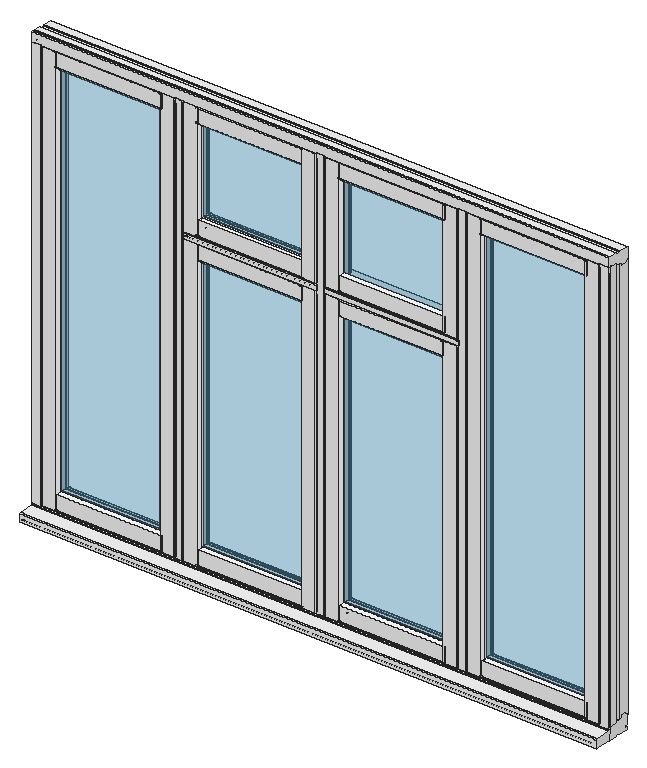
Revit family "C42", category Generic Models, Revit 2012 (continued)
Automatic sketch dimensions
  profile plane to Sweep 14 sketch curve = 7 mm
  Sweep 14 sketch curve to Sweep 14 sketch curve = 2.929 mm
  Sweep 14 sketch curve to Sweep 14 sketch curve = 2.83 mm
  Sweep 14 sketch curve to profile plane = 1 mm
  Sweep 14 sketch curve to Sweep 14 sketch curve = 0 mm  (x3)
  Sweep 14 sketch curve to Sweep 14 sketch curve = 7 mm
  Sweep 14 sketch curve to Sweep 14 sketch curve = 8 mm
  Sweep 14 sketch curve to Sweep 14 sketch curve = 10 mm  (x2)
  Sweep 14 sketch curve to Sweep 14 sketch curve = 3 mm  (x4)
  Sweep 14 sketch curve to profile plane = 10 mm
  Sweep 14 sketch curve to Sweep 14 sketch curve = 4 mm
  Sweep 14 sketch curve to Sweep 14 sketch curve = 16 mm
  profile plane to Sweep 14 sketch curve = 10 mm
  Sweep 14 sketch curve to Sweep 14 sketch curve = 24.08 mm
  Sweep 14 sketch curve to Sweep 14 sketch curve = 0.647 mm
  Sweep 14 sketch curve to Sweep 14 sketch curve = 26 mm
  Sweep 14 sketch curve to Sweep 14 sketch curve = 6.921 mm
  Extrusion 15 sketch curve to plane 24 = 3.013 mm
  plane 9 to Extrusion 15 sketch curve = 20.384 mm
  Extrusion 15 sketch curve to plane 24 = 0.013 mm
  Extrusion 15 sketch curve to Extrusion 15 sketch curve = 2 mm  (x4)
  Extrusion 15 sketch curve to Extrusion 15 sketch curve = 3 mm  (x2)
  Extrusion 15 sketch curve to Extrusion 15 sketch curve = 10 mm  (x2)
  Extrusion 15 sketch curve to Extrusion 15 sketch curve = 11 mm
  plane 1 "Center (Front/Back)" to Extrusion 15 sketch curve = 7.616 mm
  Extrusion 15 sketch curve to plane 15 = 6.601 mm
  Extrusion 15 sketch curve to plane 24 = 8.013 mm
  Extrusion 15 sketch curve to Extrusion 15 sketch curve = 42 mm
  Extrusion 15 sketch curve to Extrusion 15 sketch curve = 6 mm
  Extrusion 16 sketch curve to plane 22 = 0 mm
  plane 22 to Extrusion 16 sketch curve = 3 mm
  plane 9 to Extrusion 16 sketch curve = 20.384 mm
  Extrusion 16 sketch curve to Extrusion 16 sketch curve = 2 mm  (x4)
  Extrusion 16 sketch curve to Extrusion 16 sketch curve = 3 mm  (x2)
  Extrusion 16 sketch curve to Extrusion 16 sketch curve = 10 mm  (x2)
  Extrusion 16 sketch curve to Extrusion 16 sketch curve = 11 mm
  plane 1 "Center (Front/Back)" to Extrusion 16 sketch curve = 7.616 mm
  Extrusion 16 sketch curve to plane 15 = 6.601 mm
  plane 22 to Extrusion 16 sketch curve = 8 mm
  Extrusion 16 sketch curve to Extrusion 16 sketch curve = 41 mm
  Extrusion 16 sketch curve to Extrusion 16 sketch curve = 6 mm
  Extrusion 17 sketch curve to plane 26 = 0 mm
  plane 26 to Extrusion 17 sketch curve = 3 mm
  plane 9 to Extrusion 17 sketch curve = 20.5 mm
  Extrusion 17 sketch curve to Extrusion 17 sketch curve = 2 mm  (x4)
  Extrusion 17 sketch curve to Extrusion 17 sketch curve = 3 mm  (x2)
  Extrusion 17 sketch curve to Extrusion 17 sketch curve = 10 mm  (x2)
  Extrusion 17 sketch curve to Extrusion 17 sketch curve = 11 mm
  plane 1 "Center (Front/Back)" to Extrusion 17 sketch curve = 7.5 mm
  Extrusion 17 sketch curve to plane 15 = 6.485 mm
  plane 26 to Extrusion 17 sketch curve = 11.993 mm
  Extrusion 17 sketch curve to Extrusion 17 sketch curve = 41 mm
  Extrusion 17 sketch curve to Extrusion 17 sketch curve = 6 mm
  Extrusion 18 sketch curve to plane 23 = 0 mm  (x4)
  Extrusion 18 sketch curve to plane 21 = 0 mm  (x4)
  plane 9 to Extrusion 18 sketch curve = 19.384 mm
  Extrusion 18 sketch curve to Extrusion 18 sketch curve = 4 mm  (x2)
  Extrusion 18 sketch curve to plane 21 = 2 mm
  Extrusion 18 sketch curve to Extrusion 18 sketch curve = 2 mm  (x2)
  Extrusion 18 sketch curve to Extrusion 18 sketch curve = 7 mm  (x2)
  Extrusion 18 sketch curve to plane 23 = 2 mm
  plane 22 to Extrusion 18 sketch curve = 2 mm
  plane 1 "Center (Front/Back)" to Extrusion 18 sketch curve = 7.616 mm  (x2)
  plane 20 to Extrusion 18 sketch curve = 2 mm
  Extrusion 18 sketch curve to plane 1 "Center (Front/Back)" = 0.384 mm  (x2)
  Extrusion 18 sketch curve to Extrusion 18 sketch curve = 3 mm  (x3)
  Extrusion 18 sketch curve to plane 1 "Center (Front/Back)" = 3.384 mm
  Extrusion 18 sketch curve to plane 15 = 3.601 mm  (x2)
  plane 15 to Extrusion 18 sketch curve = 0.399 mm  (x2)
  plane 20 to Extrusion 18 sketch curve = 3 mm
  plane 15 to Extrusion 18 sketch curve = 16.399 mm
  Extrusion 18 sketch curve to Extrusion 18 sketch curve = 16 mm
  plane 22 to Extrusion 18 sketch curve = 3 mm
  Extrusion 18 sketch curve to Extrusion 18 sketch curve = 10 mm  (x2)
  plane 20 to Extrusion 18 sketch curve = 16 mm
  plane 20 to Extrusion 18 sketch curve = 4 mm
  Extrusion 18 sketch curve to Extrusion 18 sketch curve = 1 mm  (x2)
  plane 22 to Extrusion 18 sketch curve = 4 mm
  Extrusion 19 sketch curve to plane 17 = 3.359 mm
  plane 9 to Extrusion 19 sketch curve = 20.5 mm
  Extrusion 19 sketch curve to plane 17 = 0.359 mm
  Extrusion 19 sketch curve to Extrusion 19 sketch curve = 2 mm  (x4)
  Extrusion 19 sketch curve to Extrusion 19 sketch curve = 3 mm  (x2)
  Extrusion 19 sketch curve to Extrusion 19 sketch curve = 10 mm  (x2)
  Extrusion 19 sketch curve to Extrusion 19 sketch curve = 11 mm
  plane 1 "Center (Front/Back)" to Extrusion 19 sketch curve = 7.5 mm
  Extrusion 19 sketch curve to plane 15 = 6.485 mm
  Extrusion 19 sketch curve to plane 17 = 8.359 mm
  Extrusion 19 sketch curve to Extrusion 19 sketch curve = 41 mm
  Extrusion 19 sketch curve to Extrusion 19 sketch curve = 6 mm
  Extrusion 20 sketch curve to plane 14 = 9 mm
  plane 9 to Extrusion 20 sketch curve = 20.884 mm
  Extrusion 20 sketch curve to Extrusion 20 sketch curve = 3 mm  (x2)
  Extrusion 20 sketch curve to Extrusion 20 sketch curve = 2 mm  (x4)
  plane 11 to Extrusion 20 sketch curve = 2.951 mm
  Extrusion 20 sketch curve to Extrusion 20 sketch curve = 10 mm
  plane 14 to Extrusion 20 sketch curve = 1.951 mm
  Extrusion 20 sketch curve to Extrusion 20 sketch curve = 11 mm
  plane 1 "Center (Front/Back)" to Extrusion 20 sketch curve = 7.116 mm
  plane 14 to Extrusion 20 sketch curve = 2.951 mm
  Extrusion 20 sketch curve to plane 15 = 6.101 mm
  Extrusion 20 sketch curve to plane 11 = 7.049 mm
  Extrusion 20 sketch curve to plane 11 = 13.049 mm
  Extrusion 21 sketch curve to plane 14 = 0 mm  (x2)
  plane 9 to Extrusion 21 sketch curve = 20.5 mm
  Extrusion 21 sketch curve to Extrusion 21 sketch curve = 3 mm  (x2)
  Extrusion 21 sketch curve to Extrusion 21 sketch curve = 2 mm  (x2)
  plane 11 to Extrusion 21 sketch curve = 3 mm
  Extrusion 21 sketch curve to Extrusion 21 sketch curve = 10 mm
  plane 14 to Extrusion 21 sketch curve = 2 mm
  Extrusion 21 sketch curve to Extrusion 21 sketch curve = 11 mm
  plane 1 "Center (Front/Back)" to Extrusion 21 sketch curve = 7.5 mm
  plane 14 to Extrusion 21 sketch curve = 3 mm
  Extrusion 21 sketch curve to plane 15 = 6.485 mm
  Extrusion 21 sketch curve to plane 14 = 9 mm
  Extrusion 21 sketch curve to plane 11 = 13 mm
  Extrusion 21 sketch curve to plane 11 = 7 mm
  Extrusion 22 sketch curve to plane 27 = 0 mm
  Extrusion 22 sketch curve to plane 29 = 0 mm
  plane 28 to Extrusion 22 sketch curve = 2 mm  (x3)
  plane 9 to Extrusion 22 sketch curve = 19.384 mm
  Extrusion 22 sketch curve to Extrusion 22 sketch curve = 2 mm  (x2)
  Extrusion 22 sketch curve to Extrusion 22 sketch curve = 4 mm
  plane 28 to Extrusion 22 sketch curve = 4 mm
  Extrusion 22 sketch curve to Extrusion 22 sketch curve = 7 mm
  plane 1 "Center (Front/Back)" to Extrusion 22 sketch curve = 7.616 mm
  plane 1 "Center (Front/Back)" to Extrusion 22 sketch curve = 5.616 mm
  Extrusion 22 sketch curve to plane 1 "Center (Front/Back)" = 0.384 mm
  Extrusion 22 sketch curve to Extrusion 22 sketch curve = 3 mm  (x4)
  Extrusion 22 sketch curve to plane 15 = 3.601 mm
  plane 15 to Extrusion 22 sketch curve = 0.399 mm  (x3)
  Extrusion 22 sketch curve to Extrusion 22 sketch curve = 6 mm
  Extrusion 22 sketch curve to Extrusion 22 sketch curve = 10 mm  (x3)
  Extrusion 22 sketch curve to Extrusion 22 sketch curve = 16 mm
  Extrusion 22 sketch curve to plane 29 = 0.783 mm
  plane 26 to Extrusion 22 sketch curve = 3.217 mm
  Extrusion 22 sketch curve to Extrusion 22 sketch curve = 5 mm
  plane 26 to Extrusion 22 sketch curve = 10.217 mm
  plane 26 to Extrusion 22 sketch curve = 11.217 mm
  Extrusion 22 sketch curve to Extrusion 22 sketch curve = 1 mm  (x3)
  Extrusion 22 sketch curve to Extrusion 22 sketch curve = 8 mm
  plane 28 to Extrusion 22 sketch curve = 2.217 mm
  Extrusion 22 sketch curve to plane 29 = 2 mm
  Extrusion 23 sketch curve to plane 28 = 0 mm
  plane 29 to Extrusion 23 sketch curve = 1 mm  (x2)
  plane 9 to Extrusion 23 sketch curve = 20.5 mm
  Extrusion 23 sketch curve to Extrusion 23 sketch curve = 2 mm  (x4)
  Extrusion 23 sketch curve to Extrusion 23 sketch curve = 10 mm  (x2)
  Extrusion 23 sketch curve to Extrusion 23 sketch curve = 11 mm
  plane 1 "Center (Front/Back)" to Extrusion 23 sketch curve = 7.5 mm
  Extrusion 23 sketch curve to plane 15 = 6.485 mm
  Extrusion 23 sketch curve to Extrusion 23 sketch curve = 3 mm
  Extrusion 23 sketch curve to plane 29 = 4 mm
  Extrusion 23 sketch curve to Extrusion 23 sketch curve = 42 mm
  Extrusion 23 sketch curve to Extrusion 23 sketch curve = 6 mm
  Sweep 24 sketch curve to plane 11 = 12.9 mm
  Sweep 24 sketch curve to plane 24 = 52.12 mm
  plane 22 to Sweep 24 sketch curve = 52.1 mm
  Sweep 24 sketch curve to plane 29 = 49.883 mm
  Sweep 24 sketch curve to profile plane = 0 mm
  Sweep 24 sketch curve to profile plane = 8 mm
  profile plane to Sweep 24 sketch curve = 15.893 mm
  Sweep 24 sketch curve to Sweep 24 sketch curve = 3 mm  (x3)
  Sweep 24 sketch curve to Sweep 24 sketch curve = 4 mm  (x2)
  profile plane to Sweep 24 sketch curve = 4.893 mm
  Sweep 24 sketch curve to profile plane = 0.107 mm
  Extrusion 25 sketch curve to plane 24 = 3.013 mm
  plane 9 to Extrusion 25 sketch curve = 20.384 mm
  Extrusion 25 sketch curve to plane 24 = 0.013 mm
  Extrusion 25 sketch curve to Extrusion 25 sketch curve = 2 mm  (x4)
  Extrusion 25 sketch curve to Extrusion 25 sketch curve = 3 mm  (x2)
  Extrusion 25 sketch curve to Extrusion 25 sketch curve = 10 mm  (x2)
  Extrusion 25 sketch curve to Extrusion 25 sketch curve = 11 mm
  plane 1 "Center (Front/Back)" to Extrusion 25 sketch curve = 7.616 mm
  Extrusion 25 sketch curve to plane 15 = 6.601 mm
  Extrusion 25 sketch curve to plane 24 = 8.013 mm
  Extrusion 25 sketch curve to Extrusion 25 sketch curve = 42 mm
  Extrusion 25 sketch curve to Extrusion 25 sketch curve = 6 mm
  Extrusion 26 sketch curve to plane 22 = 0 mm
  plane 22 to Extrusion 26 sketch curve = 3 mm  (x2)
  plane 9 to Extrusion 26 sketch curve = 20.384 mm
  Extrusion 26 sketch curve to Extrusion 26 sketch curve = 2 mm  (x4)
  Extrusion 26 sketch curve to Extrusion 26 sketch curve = 10 mm  (x2)
  Extrusion 26 sketch curve to Extrusion 26 sketch curve = 11 mm
  plane 1 "Center (Front/Back)" to Extrusion 26 sketch curve = 7.616 mm
  Extrusion 26 sketch curve to plane 15 = 6.601 mm
  Extrusion 26 sketch curve to Extrusion 26 sketch curve = 3 mm
  plane 22 to Extrusion 26 sketch curve = 8 mm
  Extrusion 26 sketch curve to Extrusion 26 sketch curve = 41 mm
  Extrusion 26 sketch curve to Extrusion 26 sketch curve = 6 mm
  plane 1 "Center (Front/Back)" to Extrusion 27 sketch curve = 8.984 mm
  Extrusion 27 sketch curve to plane 24 = 56.013 mm
  Extrusion 27 sketch curve to Extrusion 27 sketch curve = 0 mm  (x2)
  plane 22 to Extrusion 27 sketch curve = 51.993 mm
  Extrusion 27 sketch curve to Extrusion 27 sketch curve = 4 mm  (x2)
  Extrusion 27 sketch curve to Extrusion 27 sketch curve = 16 mm
  Sweep 28 sketch curve to plane 11 = 9 mm
  Sweep 28 sketch curve to plane 24 = 56.013 mm
  plane 22 to Sweep 28 sketch curve = 55.993 mm
  Sweep 28 sketch curve to plane 29 = 53.776 mm
  profile plane to Sweep 28 sketch curve = 0 mm
  Sweep 28 sketch curve to Sweep 28 sketch curve = 10 mm
  Sweep 28 sketch curve to profile plane = 8 mm
  profile plane to Sweep 28 sketch curve = 8 mm
  Sweep 29 sketch curve to plane 11 = 12.9 mm
  plane 20 to Sweep 29 sketch curve = 52.2 mm
  Sweep 29 sketch curve to plane 13 = 44.187 mm
  Sweep 29 sketch curve to plane 17 = 52.559 mm
  Sweep 29 sketch curve to profile plane = 0 mm
  Sweep 29 sketch curve to profile plane = 8 mm
  profile plane to Sweep 29 sketch curve = 15.893 mm
  Sweep 29 sketch curve to Sweep 29 sketch curve = 3 mm  (x3)
  Sweep 29 sketch curve to Sweep 29 sketch curve = 4 mm  (x2)
  profile plane to Sweep 29 sketch curve = 4.893 mm
  Sweep 29 sketch curve to profile plane = 0.107 mm
  plane 20 to Extrusion 30 sketch curve = 56.227 mm
  Extrusion 30 sketch curve to Extrusion 30 sketch curve = 0.866 mm
  Extrusion 30 sketch curve to plane 13 = 48.08 mm
  plane 1 "Center (Front/Back)" to Extrusion 30 sketch curve = 8.984 mm
  Extrusion 30 sketch curve to Extrusion 30 sketch curve = 0 mm
  Extrusion 30 sketch curve to Extrusion 30 sketch curve = 4 mm  (x2)
  Extrusion 30 sketch curve to Extrusion 30 sketch curve = 16 mm
  Sweep 31 sketch curve to plane 11 = 9 mm
  plane 20 to Sweep 31 sketch curve = 56.227 mm
  Sweep 31 sketch curve to plane 13 = 48.08 mm
  Sweep 31 sketch curve to plane 17 = 56 mm
  profile plane to Sweep 31 sketch curve = 0 mm
  profile plane to Sweep 31 sketch curve = 10 mm
  Sweep 31 sketch curve to profile plane = 8 mm
  profile plane to Sweep 31 sketch curve = 8 mm
  Extrusion 32 sketch curve to plane 17 = 2.943 mm  (x2)
  plane 9 to Extrusion 32 sketch curve = 20.5 mm
  plane 17 to Extrusion 32 sketch curve = 0.057 mm
  Extrusion 32 sketch curve to Extrusion 32 sketch curve = 2 mm  (x4)
  Extrusion 32 sketch curve to Extrusion 32 sketch curve = 10 mm  (x2)
  Extrusion 32 sketch curve to Extrusion 32 sketch curve = 11 mm
  plane 1 "Center (Front/Back)" to Extrusion 32 sketch curve = 7.5 mm
  Extrusion 32 sketch curve to plane 15 = 6.485 mm
  Extrusion 32 sketch curve to Extrusion 32 sketch curve = 3 mm
  Extrusion 32 sketch curve to plane 17 = 7.943 mm
  Extrusion 32 sketch curve to Extrusion 32 sketch curve = 42 mm
  Extrusion 32 sketch curve to Extrusion 32 sketch curve = 6 mm
  Sweep 33 sketch curve to plane 11 = 12.9 mm
  Sweep 33 sketch curve to plane 19 = 52.12 mm
  plane 25 to Sweep 33 sketch curve = 84.1 mm
  Sweep 33 sketch curve to plane 17 = 52.1 mm
  Sweep 33 sketch curve to profile plane = 0 mm
  Sweep 33 sketch curve to profile plane = 8 mm
  profile plane to Sweep 33 sketch curve = 15.893 mm
  Sweep 33 sketch curve to Sweep 33 sketch curve = 3 mm  (x3)
  Sweep 33 sketch curve to Sweep 33 sketch curve = 4 mm  (x2)
  profile plane to Sweep 33 sketch curve = 4.893 mm
  Sweep 33 sketch curve to profile plane = 0.107 mm
  plane 1 "Center (Front/Back)" to Extrusion 34 sketch curve = 8.984 mm
  Extrusion 34 sketch curve to plane 19 = 56.013 mm
  Extrusion 34 sketch curve to Extrusion 34 sketch curve = 0 mm  (x2)
  plane 1 "Center (Front/Back)" to Extrusion 34 sketch curve = 28.984 mm
  plane 25 to Extrusion 34 sketch curve = 88.993 mm
  Extrusion 34 sketch curve to Extrusion 34 sketch curve = 4 mm  (x2)
  Sweep 35 sketch curve to plane 11 = 9.007 mm
  Sweep 35 sketch curve to plane 19 = 56.013 mm
  plane 25 to Sweep 35 sketch curve = 88 mm
  Sweep 35 sketch curve to plane 17 = 55.943 mm
  profile plane to Sweep 35 sketch curve = 0 mm
  profile plane to Sweep 35 sketch curve = 10 mm
  Sweep 35 sketch curve to profile plane = 8 mm
  profile plane to Sweep 35 sketch curve = 8 mm
  Extrusion 36 sketch curve to plane 25 = 0 mm  (x4)
  plane 9 to Extrusion 36 sketch curve = 19.384 mm
  Extrusion 36 sketch curve to Extrusion 36 sketch curve = 4 mm  (x2)
  plane 25 to Extrusion 36 sketch curve = 2 mm
  Extrusion 36 sketch curve to Extrusion 36 sketch curve = 2 mm  (x3)
  Extrusion 36 sketch curve to Extrusion 36 sketch curve = 7 mm  (x3)
  plane 1 "Center (Front/Back)" to Extrusion 36 sketch curve = 7.616 mm  (x2)
  Extrusion 36 sketch curve to plane 24 = 2 mm
  Extrusion 36 sketch curve to plane 1 "Center (Front/Back)" = 0.384 mm  (x2)
  Extrusion 36 sketch curve to Extrusion 36 sketch curve = 3 mm  (x3)
  Extrusion 36 sketch curve to plane 1 "Center (Front/Back)" = 3.384 mm
  Extrusion 36 sketch curve to plane 15 = 3.601 mm  (x2)
  plane 15 to Extrusion 36 sketch curve = 0.399 mm  (x2)
  Extrusion 36 sketch curve to plane 24 = 3 mm
  plane 15 to Extrusion 36 sketch curve = 16.399 mm
  Extrusion 36 sketch curve to Extrusion 36 sketch curve = 16 mm
  Extrusion 36 sketch curve to Extrusion 36 sketch curve = 10 mm  (x2)
  Extrusion 36 sketch curve to plane 24 = 16 mm
  Extrusion 36 sketch curve to plane 24 = 4 mm
  Extrusion 36 sketch curve to Extrusion 36 sketch curve = 1 mm  (x3)
  Extrusion 36 sketch curve to Extrusion 36 sketch curve = 22 mm
  Extrusion 36 sketch curve to Extrusion 36 sketch curve = 0 mm  (x2)
  Extrusion 36 sketch curve to Extrusion 36 sketch curve = 6 mm
  Extrusion 36 sketch curve to Extrusion 36 sketch curve = 8 mm
  Extrusion 37 sketch curve to plane 14 = 0 mm  (x2)
  plane 9 to Extrusion 37 sketch curve = 20.5 mm
  Extrusion 37 sketch curve to Extrusion 37 sketch curve = 3 mm  (x2)
  Extrusion 37 sketch curve to Extrusion 37 sketch curve = 2 mm  (x2)
  plane 11 to Extrusion 37 sketch curve = 3 mm
  Extrusion 37 sketch curve to Extrusion 37 sketch curve = 10 mm
  plane 14 to Extrusion 37 sketch curve = 2 mm
  Extrusion 37 sketch curve to Extrusion 37 sketch curve = 11 mm
  plane 1 "Center (Front/Back)" to Extrusion 37 sketch curve = 7.5 mm
  plane 14 to Extrusion 37 sketch curve = 3 mm
  Extrusion 37 sketch curve to plane 15 = 6.485 mm
  Extrusion 37 sketch curve to plane 14 = 9 mm
  Extrusion 37 sketch curve to plane 11 = 13 mm
  Extrusion 37 sketch curve to plane 11 = 7 mm
  plane 5 to Sweep 38 sketch curve = 0 mm
  Sweep 38 sketch curve to plane 16 = 0 mm
  Sweep 38 sketch curve to level = 0 mm
  Sweep 38 sketch curve to profile plane = 0 mm  (x3)
  Sweep 38 sketch curve to profile plane = 47 mm
  Sweep 38 sketch curve to Sweep 38 sketch curve = 3 mm  (x2)
  Sweep 38 sketch curve to Sweep 38 sketch curve = 10 mm
  Sweep 38 sketch curve to Sweep 38 sketch curve = 16 mm
  Sweep 38 sketch curve to Sweep 38 sketch curve = 4 mm
  Sweep 38 sketch curve to profile plane = 5 mm
  Sweep 38 sketch curve to profile plane = 10 mm
  Sweep 38 sketch curve to profile plane = 4 mm
  Sweep 38 sketch curve to profile plane = 1 mm
  profile plane to Sweep 38 sketch curve = 7 mm
  profile plane to Sweep 38 sketch curve = 10 mm
  Sweep 38 sketch curve to Sweep 38 sketch curve = 24.08 mm
  Sweep 38 sketch curve to Sweep 38 sketch curve = 0.647 mm
  Sweep 38 sketch curve to Sweep 38 sketch curve = 2.999 mm
  Sweep 38 sketch curve to Sweep 38 sketch curve = 26 mm
  Sweep 38 sketch curve to Sweep 38 sketch curve = 6.921 mm
  Sweep 38 sketch curve to Sweep 38 sketch curve = 2 mm
  Sweep 38 sketch curve to Sweep 38 sketch curve = 0.995 mm
  Sweep 38 sketch curve to Sweep 38 sketch curve = 5 mm
  Sweep 38 sketch curve to profile plane = 2 mm
  Sweep 38 sketch curve to Sweep 38 sketch curve = 31 mm
  Sweep 38 sketch curve to Sweep 38 sketch curve = 0.071 mm
  Sweep 38 sketch curve to Sweep 38 sketch curve = 0.17 mm
  Sweep 38 sketch curve to Sweep 38 sketch curve = 0 mm  (x3)
  Sweep 38 sketch curve to Sweep 38 sketch curve = 7 mm
  Sweep 38 sketch curve to Sweep 38 sketch curve = 8 mm
  Sweep 38 sketch curve to Sweep 38 sketch curve = 12 mm
  Sweep 39 sketch curve to plane 7 = 0 mm
  Sweep 39 sketch curve to plane 16 = 0 mm
  Sweep 39 sketch curve to level = 0 mm
  Sweep 39 sketch curve to profile plane = 0 mm  (x3)
  Sweep 39 sketch curve to profile plane = 47 mm
  Sweep 39 sketch curve to Sweep 39 sketch curve = 3 mm  (x3)
  Sweep 39 sketch curve to Sweep 39 sketch curve = 10 mm
  Sweep 39 sketch curve to Sweep 39 sketch curve = 16 mm
  Sweep 39 sketch curve to Sweep 39 sketch curve = 4 mm
  profile plane to Sweep 39 sketch curve = 5 mm
  Sweep 39 sketch curve to profile plane = 10 mm
  Sweep 39 sketch curve to profile plane = 4 mm
  Sweep 39 sketch curve to profile plane = 1 mm
  profile plane to Sweep 39 sketch curve = 7 mm
  profile plane to Sweep 39 sketch curve = 10 mm
  Sweep 39 sketch curve to Sweep 39 sketch curve = 24.08 mm
  Sweep 39 sketch curve to Sweep 39 sketch curve = 0.647 mm
  Sweep 39 sketch curve to Sweep 39 sketch curve = 2.999 mm
  Sweep 39 sketch curve to Sweep 39 sketch curve = 26 mm
  Sweep 39 sketch curve to Sweep 39 sketch curve = 6.921 mm
  Sweep 39 sketch curve to Sweep 39 sketch curve = 2 mm
  Sweep 39 sketch curve to Sweep 39 sketch curve = 0.995 mm
  Sweep 39 sketch curve to Sweep 39 sketch curve = 5 mm
  profile plane to Sweep 39 sketch curve = 33 mm
  Sweep 39 sketch curve to Sweep 39 sketch curve = 0.071 mm
  Sweep 39 sketch curve to Sweep 39 sketch curve = 0.17 mm
  Sweep 39 sketch curve to Sweep 39 sketch curve = 0 mm  (x3)
  Sweep 39 sketch curve to Sweep 39 sketch curve = 7 mm
  Sweep 39 sketch curve to Sweep 39 sketch curve = 8 mm
  profile plane to Sweep 39 sketch curve = 2 mm
  Sweep 40 sketch curve to plane 5 = 0 mm
  Sweep 40 sketch curve to plane 7 = 0 mm
  plane 1 "Center (Front/Back)" to Sweep 40 sketch curve = 1.015 mm
  Sweep 40 sketch curve to level = 5 mm
  profile plane to Sweep 40 sketch curve = 132 mm
  Sweep 40 sketch curve to Sweep 40 sketch curve = 2.63 mm
  Sweep 40 sketch curve to Sweep 40 sketch curve = 3 mm  (x5)
  level to Sweep 40 sketch curve = 30.977 mm
  Sweep 40 sketch curve to Sweep 40 sketch curve = 25 mm
  level to Sweep 40 sketch curve = 33.978 mm
  Sweep 40 sketch curve to Sweep 40 sketch curve = 25.006 mm
  Sweep 40 sketch curve to Sweep 40 sketch curve = 32.364 mm
  Sweep 40 sketch curve to Sweep 40 sketch curve = 2 mm  (x2)
  profile plane to Sweep 40 sketch curve = 5 mm
  Sweep 40 sketch curve to profile plane = 18 mm
  Sweep 40 sketch curve to Sweep 40 sketch curve = 0 mm
  Sweep 40 sketch curve to Sweep 40 sketch curve = 6 mm
  Sweep 40 sketch curve to Sweep 40 sketch curve = 10 mm  (x2)
  Sweep 40 sketch curve to Sweep 40 sketch curve = 11 mm
  level to Sweep 40 sketch curve = 25 mm
  Sweep 40 sketch curve to Sweep 40 sketch curve = 4.022 mm
  Sweep 40 sketch curve to Sweep 40 sketch curve = 5 mm  (x2)
  Sweep 40 sketch curve to Sweep 40 sketch curve = 1 mm  (x2)
  Extrusion 41 sketch curve to plane 27 = 0 mm
  Extrusion 41 sketch curve to plane 29 = 0 mm
  plane 28 to Extrusion 41 sketch curve = 2 mm  (x3)
  plane 9 to Extrusion 41 sketch curve = 19.384 mm
  Extrusion 41 sketch curve to Extrusion 41 sketch curve = 2 mm  (x2)
  Extrusion 41 sketch curve to Extrusion 41 sketch curve = 4 mm
  plane 28 to Extrusion 41 sketch curve = 4 mm
  Extrusion 41 sketch curve to Extrusion 41 sketch curve = 7 mm
  plane 1 "Center (Front/Back)" to Extrusion 41 sketch curve = 7.616 mm
  plane 1 "Center (Front/Back)" to Extrusion 41 sketch curve = 5.616 mm
  Extrusion 41 sketch curve to plane 1 "Center (Front/Back)" = 0.384 mm
  Extrusion 41 sketch curve to Extrusion 41 sketch curve = 3 mm  (x4)
  Extrusion 41 sketch curve to plane 15 = 3.601 mm
  plane 15 to Extrusion 41 sketch curve = 0.399 mm  (x3)
  Extrusion 41 sketch curve to Extrusion 41 sketch curve = 6 mm
  Extrusion 41 sketch curve to Extrusion 41 sketch curve = 10 mm  (x3)
  Extrusion 41 sketch curve to Extrusion 41 sketch curve = 16 mm
  Extrusion 41 sketch curve to plane 29 = 0.783 mm
  plane 26 to Extrusion 41 sketch curve = 3.217 mm
  Extrusion 41 sketch curve to Extrusion 41 sketch curve = 5 mm
  plane 26 to Extrusion 41 sketch curve = 10.217 mm
  plane 26 to Extrusion 41 sketch curve = 11.217 mm
  Extrusion 41 sketch curve to Extrusion 41 sketch curve = 1 mm  (x3)
  Extrusion 41 sketch curve to Extrusion 41 sketch curve = 8 mm
  plane 28 to Extrusion 41 sketch curve = 2.217 mm
  Extrusion 41 sketch curve to plane 29 = 2 mm
  Extrusion 42 sketch curve to plane 28 = 0 mm
  plane 29 to Extrusion 42 sketch curve = 1 mm  (x2)
  plane 9 to Extrusion 42 sketch curve = 20.5 mm
  Extrusion 42 sketch curve to Extrusion 42 sketch curve = 2 mm  (x4)
  Extrusion 42 sketch curve to Extrusion 42 sketch curve = 10 mm  (x2)
  Extrusion 42 sketch curve to Extrusion 42 sketch curve = 11 mm
  plane 1 "Center (Front/Back)" to Extrusion 42 sketch curve = 7.5 mm
  Extrusion 42 sketch curve to plane 15 = 6.485 mm
  Extrusion 42 sketch curve to Extrusion 42 sketch curve = 3 mm
  Extrusion 42 sketch curve to plane 29 = 4 mm
  Extrusion 42 sketch curve to Extrusion 42 sketch curve = 42 mm
  Extrusion 42 sketch curve to Extrusion 42 sketch curve = 6 mm
  Extrusion 43 sketch curve to plane 26 = 0 mm
  plane 26 to Extrusion 43 sketch curve = 3 mm
  plane 9 to Extrusion 43 sketch curve = 20.5 mm
  Extrusion 43 sketch curve to Extrusion 43 sketch curve = 2 mm  (x4)
  Extrusion 43 sketch curve to Extrusion 43 sketch curve = 3 mm  (x2)
  Extrusion 43 sketch curve to Extrusion 43 sketch curve = 10 mm  (x2)
  Extrusion 43 sketch curve to Extrusion 43 sketch curve = 11 mm
  plane 1 "Center (Front/Back)" to Extrusion 43 sketch curve = 7.5 mm
  Extrusion 43 sketch curve to plane 15 = 6.485 mm
  plane 26 to Extrusion 43 sketch curve = 11.993 mm
  Extrusion 43 sketch curve to Extrusion 43 sketch curve = 41 mm
  Extrusion 43 sketch curve to Extrusion 43 sketch curve = 6 mm
  Extrusion 44 sketch curve to plane 30 = 0 mm
  plane 30 to Extrusion 44 sketch curve = 3 mm  (x2)
  plane 9 to Extrusion 44 sketch curve = 20.384 mm
  Extrusion 44 sketch curve to Extrusion 44 sketch curve = 2 mm  (x4)
  Extrusion 44 sketch curve to Extrusion 44 sketch curve = 10 mm  (x2)
  Extrusion 44 sketch curve to plane 13 = 2.013 mm
  Extrusion 44 sketch curve to Extrusion 44 sketch curve = 11 mm
  plane 1 "Center (Front/Back)" to Extrusion 44 sketch curve = 7.616 mm
  Extrusion 44 sketch curve to plane 13 = 3.013 mm
  Extrusion 44 sketch curve to plane 15 = 6.601 mm
  Extrusion 44 sketch curve to Extrusion 44 sketch curve = 41 mm
  Extrusion 44 sketch curve to Extrusion 44 sketch curve = 6 mm
  Extrusion 45 sketch curve to plane 30 = 0 mm
  plane 30 to Extrusion 45 sketch curve = 3 mm
  plane 9 to Extrusion 45 sketch curve = 20.384 mm
  Extrusion 45 sketch curve to Extrusion 45 sketch curve = 2 mm  (x4)
  Extrusion 45 sketch curve to Extrusion 45 sketch curve = 3 mm
  Extrusion 45 sketch curve to Extrusion 45 sketch curve = 10 mm  (x2)
  Extrusion 45 sketch curve to plane 13 = 2.013 mm
  Extrusion 45 sketch curve to Extrusion 45 sketch curve = 11 mm
  plane 1 "Center (Front/Back)" to Extrusion 45 sketch curve = 7.616 mm
  Extrusion 45 sketch curve to plane 13 = 3.013 mm
  Extrusion 45 sketch curve to plane 15 = 6.601 mm
  Extrusion 45 sketch curve to Extrusion 45 sketch curve = 41 mm
  Extrusion 45 sketch curve to Extrusion 45 sketch curve = 6 mm
  plane 20 to Extrusion 46 sketch curve = 2.773 mm  (x2)
  plane 9 to Extrusion 46 sketch curve = 20.384 mm
  Extrusion 46 sketch curve to plane 20 = 0.227 mm
  Extrusion 46 sketch curve to Extrusion 46 sketch curve = 2 mm  (x4)
  Extrusion 46 sketch curve to Extrusion 46 sketch curve = 10 mm  (x2)
  Extrusion 46 sketch curve to Extrusion 46 sketch curve = 11 mm
  plane 1 "Center (Front/Back)" to Extrusion 46 sketch curve = 7.616 mm
  Extrusion 46 sketch curve to plane 15 = 6.601 mm
  Extrusion 46 sketch curve to Extrusion 46 sketch curve = 3 mm
  plane 20 to Extrusion 46 sketch curve = 7.773 mm
  Extrusion 46 sketch curve to Extrusion 46 sketch curve = 42 mm
  Extrusion 46 sketch curve to Extrusion 46 sketch curve = 6 mm
  plane 20 to Extrusion 47 sketch curve = 2.773 mm  (x2)
  plane 9 to Extrusion 47 sketch curve = 20.384 mm
  Extrusion 47 sketch curve to plane 20 = 0.227 mm
  Extrusion 47 sketch curve to Extrusion 47 sketch curve = 2 mm  (x4)
  Extrusion 47 sketch curve to Extrusion 47 sketch curve = 10 mm  (x2)
  Extrusion 47 sketch curve to Extrusion 47 sketch curve = 11 mm
  plane 1 "Center (Front/Back)" to Extrusion 47 sketch curve = 7.616 mm
  Extrusion 47 sketch curve to plane 15 = 6.601 mm
  Extrusion 47 sketch curve to Extrusion 47 sketch curve = 3 mm
  plane 20 to Extrusion 47 sketch curve = 7.773 mm
  Extrusion 47 sketch curve to Extrusion 47 sketch curve = 42 mm
  Extrusion 47 sketch curve to Extrusion 47 sketch curve = 6 mm
  Extrusion 48 sketch curve to plane 19 = 3.013 mm
  plane 9 to Extrusion 48 sketch curve = 20.384 mm
  Extrusion 48 sketch curve to plane 19 = 0.013 mm
  Extrusion 48 sketch curve to Extrusion 48 sketch curve = 2 mm  (x4)
  Extrusion 48 sketch curve to Extrusion 48 sketch curve = 3 mm  (x2)
  Extrusion 48 sketch curve to Extrusion 48 sketch curve = 10 mm  (x2)
  Extrusion 48 sketch curve to Extrusion 48 sketch curve = 11 mm
  plane 1 "Center (Front/Back)" to Extrusion 48 sketch curve = 7.616 mm
  Extrusion 48 sketch curve to plane 15 = 6.601 mm
  Extrusion 48 sketch curve to plane 19 = 8.013 mm
  Extrusion 48 sketch curve to Extrusion 48 sketch curve = 42 mm
  Extrusion 48 sketch curve to Extrusion 48 sketch curve = 6 mm
  plane 9 to Extrusion 49 sketch curve = 20.384 mm
  Extrusion 49 sketch curve to Extrusion 49 sketch curve = 3 mm  (x3)
  Extrusion 49 sketch curve to Extrusion 49 sketch curve = 2 mm  (x4)
  Extrusion 49 sketch curve to Extrusion 49 sketch curve = 10 mm  (x2)
  Extrusion 49 sketch curve to Extrusion 49 sketch curve = 11 mm
  plane 1 "Center (Front/Back)" to Extrusion 49 sketch curve = 7.616 mm
  Extrusion 49 sketch curve to plane 15 = 6.601 mm
  plane 25 to Extrusion 49 sketch curve = 31.773 mm
  Extrusion 49 sketch curve to Extrusion 49 sketch curve = 5 mm
  Extrusion 49 sketch curve to Extrusion 49 sketch curve = 41 mm
  Extrusion 49 sketch curve to Extrusion 49 sketch curve = 6 mm
  Extrusion 50 sketch curve to plane 17 = 3.359 mm
  plane 9 to Extrusion 50 sketch curve = 20.5 mm
  Extrusion 50 sketch curve to plane 17 = 0.359 mm
  Extrusion 50 sketch curve to Extrusion 50 sketch curve = 2 mm  (x4)
  Extrusion 50 sketch curve to Extrusion 50 sketch curve = 3 mm  (x2)
  Extrusion 50 sketch curve to Extrusion 50 sketch curve = 10 mm  (x2)
  Extrusion 50 sketch curve to Extrusion 50 sketch curve = 11 mm
  plane 1 "Center (Front/Back)" to Extrusion 50 sketch curve = 7.5 mm
  Extrusion 50 sketch curve to plane 15 = 6.485 mm
  Extrusion 50 sketch curve to plane 17 = 8.359 mm
  Extrusion 50 sketch curve to Extrusion 50 sketch curve = 41 mm
  Extrusion 50 sketch curve to Extrusion 50 sketch curve = 6 mm
  Extrusion 51 sketch curve to plane 14 = 9 mm
  plane 9 to Extrusion 51 sketch curve = 20.884 mm
  Extrusion 51 sketch curve to Extrusion 51 sketch curve = 3 mm  (x2)
  Extrusion 51 sketch curve to Extrusion 51 sketch curve = 2 mm  (x4)
  plane 11 to Extrusion 51 sketch curve = 2.951 mm
  Extrusion 51 sketch curve to Extrusion 51 sketch curve = 10 mm
  plane 14 to Extrusion 51 sketch curve = 1.951 mm
  Extrusion 51 sketch curve to Extrusion 51 sketch curve = 11 mm
  plane 1 "Center (Front/Back)" to Extrusion 51 sketch curve = 7.116 mm
  plane 14 to Extrusion 51 sketch curve = 2.951 mm
  Extrusion 51 sketch curve to plane 15 = 6.101 mm
  Extrusion 51 sketch curve to plane 11 = 7.049 mm
  Extrusion 51 sketch curve to plane 11 = 13.049 mm
  Sweep 52 sketch curve to plane 11 = 12.9 mm
  Sweep 52 sketch curve to plane 5 = 1828.213 mm
  Sweep 52 sketch curve to Sweep 52 sketch curve = 437.613 mm
  Sweep 52 sketch curve to plane 17 = 52.559 mm
  Sweep 52 sketch curve to profile plane = 0 mm
  Sweep 52 sketch curve to profile plane = 8 mm
  profile plane to Sweep 52 sketch curve = 15.893 mm
  Sweep 52 sketch curve to Sweep 52 sketch curve = 3 mm  (x3)
  Sweep 52 sketch curve to Sweep 52 sketch curve = 4 mm  (x2)
  profile plane to Sweep 52 sketch curve = 4.893 mm
  Sweep 52 sketch curve to profile plane = 0.107 mm
  plane 1 "Center (Front/Back)" to Extrusion 53 sketch curve = 32.984 mm
  Extrusion 53 sketch curve to plane 5 = 1832.241 mm
  Extrusion 53 sketch curve to Extrusion 53 sketch curve = 0.866 mm
  plane 1 "Center (Front/Back)" to Extrusion 53 sketch curve = 28.984 mm
  Extrusion 53 sketch curve to Extrusion 53 sketch curve = 428.827 mm
  plane 1 "Center (Front/Back)" to Extrusion 53 sketch curve = 8.984 mm
  Extrusion 53 sketch curve to Extrusion 53 sketch curve = 0 mm
  Extrusion 53 sketch curve to Extrusion 53 sketch curve = 4 mm
  Sweep 54 sketch curve to plane 11 = 9 mm
  Sweep 54 sketch curve to plane 5 = 1832.241 mm
  Sweep 54 sketch curve to Sweep 54 sketch curve = 429.693 mm
  Sweep 54 sketch curve to plane 17 = 56 mm
  profile plane to Sweep 54 sketch curve = 0 mm
  profile plane to Sweep 54 sketch curve = 10 mm
  Sweep 54 sketch curve to profile plane = 8 mm
  profile plane to Sweep 54 sketch curve = 8 mm
  plane 9 to Extrusion 55 sketch curve = 20.384 mm
  Extrusion 55 sketch curve to Extrusion 55 sketch curve = 3 mm  (x3)
  Extrusion 55 sketch curve to Extrusion 55 sketch curve = 2 mm  (x4)
  Extrusion 55 sketch curve to Extrusion 55 sketch curve = 10 mm  (x2)
  Extrusion 55 sketch curve to Extrusion 55 sketch curve = 11 mm
  plane 1 "Center (Front/Back)" to Extrusion 55 sketch curve = 7.616 mm
  Extrusion 55 sketch curve to plane 15 = 6.601 mm
  Extrusion 55 sketch curve to plane 5 = 2318 mm
  Extrusion 55 sketch curve to Extrusion 55 sketch curve = 5 mm
  Extrusion 55 sketch curve to Extrusion 55 sketch curve = 41 mm
  Extrusion 55 sketch curve to Extrusion 55 sketch curve = 6 mm
  plane 9 to Extrusion 56 sketch curve = 20.384 mm
  Extrusion 56 sketch curve to Extrusion 56 sketch curve = 3 mm  (x3)
  Extrusion 56 sketch curve to Extrusion 56 sketch curve = 2 mm  (x4)
  Extrusion 56 sketch curve to Extrusion 56 sketch curve = 10 mm  (x2)
  Extrusion 56 sketch curve to Extrusion 56 sketch curve = 11 mm
  plane 1 "Center (Front/Back)" to Extrusion 56 sketch curve = 7.616 mm
  Extrusion 56 sketch curve to plane 15 = 6.601 mm
  Extrusion 56 sketch curve to plane 5 = 1843.786 mm
  Extrusion 56 sketch curve to Extrusion 56 sketch curve = 16 mm
  Extrusion 56 sketch curve to Extrusion 56 sketch curve = 41 mm
  Extrusion 56 sketch curve to Extrusion 56 sketch curve = 5 mm
  plane 9 to Extrusion 57 sketch curve = 19.384 mm
  Extrusion 57 sketch curve to Extrusion 57 sketch curve = 4 mm  (x2)
  Extrusion 57 sketch curve to Extrusion 57 sketch curve = 2 mm  (x4)
  Extrusion 57 sketch curve to Extrusion 57 sketch curve = 7 mm  (x3)
  plane 1 "Center (Front/Back)" to Extrusion 57 sketch curve = 7.616 mm  (x2)
  Extrusion 57 sketch curve to plane 30 = 0.013 mm
  Extrusion 57 sketch curve to plane 1 "Center (Front/Back)" = 0.384 mm  (x2)
  Extrusion 57 sketch curve to Extrusion 57 sketch curve = 3 mm  (x3)
  Extrusion 57 sketch curve to plane 1 "Center (Front/Back)" = 3.384 mm
  Extrusion 57 sketch curve to plane 15 = 3.601 mm  (x2)
  plane 15 to Extrusion 57 sketch curve = 0.399 mm  (x2)
  plane 30 to Extrusion 57 sketch curve = 0.987 mm
  plane 15 to Extrusion 57 sketch curve = 16.399 mm
  Extrusion 57 sketch curve to Extrusion 57 sketch curve = 16 mm
  Extrusion 57 sketch curve to Extrusion 57 sketch curve = 10 mm  (x2)
  plane 12 to Extrusion 57 sketch curve = 2 mm  (x4)
  Extrusion 57 sketch curve to Extrusion 57 sketch curve = 1 mm  (x3)
  Extrusion 57 sketch curve to Extrusion 57 sketch curve = 22 mm
  Extrusion 57 sketch curve to Extrusion 57 sketch curve = 0 mm  (x2)
  Extrusion 57 sketch curve to Extrusion 57 sketch curve = 6 mm
  Extrusion 57 sketch curve to Extrusion 57 sketch curve = 8 mm
  plane 30 to Extrusion 57 sketch curve = 1.987 mm
  Extrusion 57 sketch curve to plane 13 = 6 mm
Types (3, lengths in mm): name | Width | Height | GlazingPanelMaterial | Floor Material
  Window Sill drawing | 2358 | 1770 | Glass | White
  Access Manager | 1250 | 1250 | none | none
  window family | 2358 | 1770 | Glass | 1.12A ANCHOR FIXING
